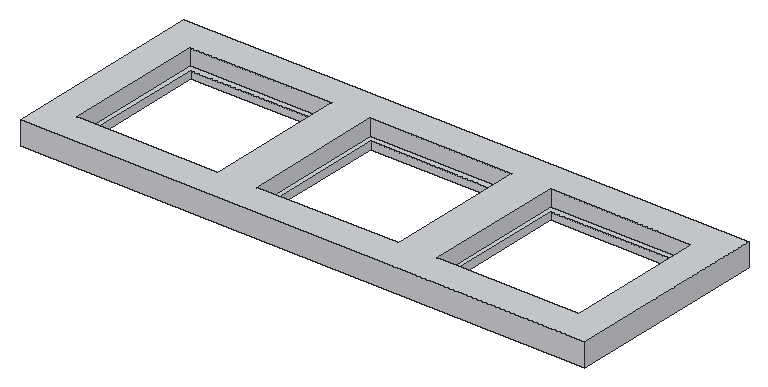
Revit family "Gira_021333", category Electrical Fixtures, host Face, Revit 2017
Family settings
  Host = Face
  Maintain Annotation Orientation = No
  Round Connector Dimension = Use Diameter
  Part Type = Normal
  Cut with Voids When Loaded = No
  Shared = No
  Room Calculation Point = No
Parameters (values of type "Abdeckrahmen 3f Gira E2 Edelstahl")
  Werkstoffgüte = "edelstahl"
  Werkstoff = "Metall"
  URL = "http://katalog.gira.de/de_DE/datenblatt.html?artikelnr=021333"
  Transparent = "No"
  Textfeld/Beschriftungsfläche = "No"
  Schutzart (IP) = "IP20"
  Region = "DE"
  Oberfläche = "sonstige"
  Name = "Abdeckrahmen 3f Gira E2 Edelstahl"
  Montagerichtung = "horizontal und vertikal"
  Mit Montagerahmen = "No"
  Mit Klappdeckel = "No"
  Manufacturer URL = "https://www.gira.de/"
  Keynote = "E2_Rahmen_3fach"
  HeinzeBIM = "https://bimportal.heinze.de/bim/abdeckrahmen-3f-gira-e2-edelstahl/b70ced4fe44b4a58f62f7a83796e0ebfc3fcb553"
  Halogenfrei = "No"
  HAN = "021333"
  Geeignet für Unterputz-Installation = "Yes"
  Geeignet für Unterflurkanaldose = "No"
  Geeignet für Geräteeinbaukanal = "No"
  Geeignet für Einbauinstallation = "No"
  GTIN = "4010337019817"
  Farbe = "edelstahl"
  Default Elevation = 1219.2 mm
  Data sheet (1) = "https://katalog.gira.de/de_DE/download.html?artikelnr=021333"
  Category = "Abdeckrahmen"
  Befestigungsart = "Klemmbefestigung"
  Available = "Yes"
  Anzahl der Einheiten vertikal = "3 "
  Anzahl der Einheiten horizontal = "3 "
  Anzahl der Einheiten = "3 "
Reference planes
  plane 1 "Center (Front/Back)": y = 0
  plane 2: z = 0
  plane 3 "Center (Left/Right)": x = 0
Forms (mm)
  Extrusion 1, solid, detail levels fine
    sketch origin (0, 0, 0) x (1, 0, 0) y (0, 1, 0)
      loop
        line (111.7, 40.4) -> (-111.7, 40.4) -> (-111.7, -40.4) -> (111.7, -40.4) -> (111.7, 40.4)
      loop
        line (43.248, 28.052) -> (43.248, -28.052) -> (99.352, -28.052) -> (99.352, 28.052) -> (43.248, 28.052)
      loop
        line (-28.052, 28.052) -> (-28.052, -28.052) -> (28.052, -28.052) -> (28.052, 28.052) -> (-28.052, 28.052)
      loop
        line (-99.352, 28.052) -> (-99.352, -28.052) -> (-43.248, -28.052) -> (-43.248, 28.052) -> (-99.352, 28.052)
    from 0 to 9.3
  Extrusion 2, solid, detail levels fine
    sketch origin (-71.2, 0, 0) x (1, 0, 0) y (0, 1, 0)
      loop
        line (-28.152, -28.152) -> (28.152, -28.152) -> (28.152, 28.152) -> (-28.152, 28.152) -> (-28.152, -28.152)
      loop
        line (25.9, -25.7) -> (25.9, 25.7) -> (-25.9, 25.7) -> (-25.9, -25.7) -> (25.9, -25.7)
    from 0 to 3
  Extrusion 3, solid, detail levels coarse+medium
    sketch origin (0, 0, 0) x (1, 0, 0) y (0, 1, 0)
      loop
        line (111.7, 40.4) -> (-111.7, 40.4) -> (-111.7, -40.4) -> (111.7, -40.4) -> (111.7, 40.4)
    from 0 to 9.3
  Extrusion 4, solid, detail levels fine
    sketch origin (0.1, -0.047, 0) x (1, 0, 0) y (0, 1, 0)
      loop
        line (-28.152, -28.106) -> (28.152, -28.106) -> (28.152, 28.199) -> (-28.152, 28.199) -> (-28.152, -28.106)
      loop
        line (25.9, -25.653) -> (25.9, 25.747) -> (-25.9, 25.747) -> (-25.9, -25.653) -> (25.9, -25.653)
    from 0 to 3
  Extrusion 5, solid, detail levels fine
    sketch origin (71.2, -0.047, 0) x (1, 0, 0) y (0, 1, 0)
      loop
        line (-27.952, -28.006) -> (28.152, -28.006) -> (28.152, 28.099) -> (-27.952, 28.099) -> (-27.952, -28.006)
      loop
        line (26, -25.653) -> (26, 25.747) -> (-25.9, 25.747) -> (-25.9, -25.653) -> (26, -25.653)
    from 0 to 3
Dimensions and locks
  aligned and locked: plane 2 to host face
  aligned and locked: level to host face
